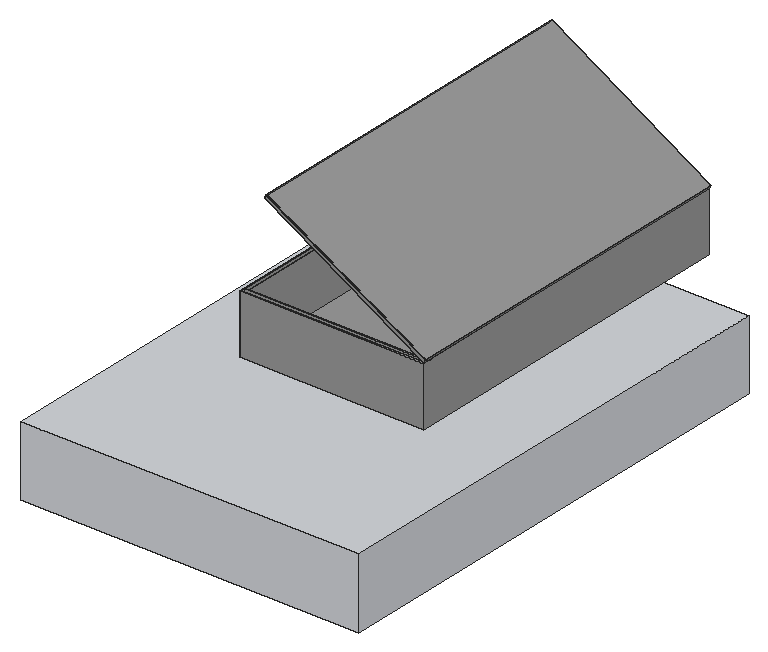
Revit family "Hager-Univers-IP55-D275-H1550-Cl.I-Steel_encl-AT-de", category Equipement électrique, Revit 2020
Family settings
  Hôte = Face
  Configuration du panneau = Deux colonnes, circuits au sein
  Cote de connecteur circulaire = Utiliser le diamètre
  Type d'élément = Tableau de raccordement
  Couper avec des vides une fois chargée = Non
  Partagée = Non
  Point de calcul de pièce = Non
Parameters (values of type "Aufputz IP55 B800 H1550 T275  - FR03E")
  Width Control [instance] = if([EF000008 - Breite] > Min Width, [EF000008 - Breite], Min Width)  # 800 mm
  Commentaires du type = [HG000003 - Bereich]  # "Univers"
  Thickness Door [instance] = if([EF009171 - Materialstärke Tür/Deckel] > 3 mm, 3 mm, [EF009171 - Materialstärke Tür/Deckel])  # 1.5 mm
  Seal Frame Offset [instance] = 17 mm  # constant formula
  Plinth Visibility [instance] = [HG000027 - Sockelhöhe] > 0 mm  # no
  Model = ""
  Min Width [instance] = 100 mm  # constant formula
  Min Height [instance] = 100 mm  # constant formula
  Min Depth [instance] = (2 * [EF009170 - Materialstärke Gehäuse]) + 1 mm  # 4 mm
  Internal Frame Depth [instance] = (Door System Depth * 0.5)  # 9 mm
  Height Control [instance] = if([EF000040 - Höhe] > Min Height, [EF000040 - Höhe], Min Height)  # 1550 mm
  HG000027 - Sockelhöhe = 0 mm
  HG000026 - Stehend auf dem Boden = no
  HG000024 - Höhe des unteren Teils = 800 mm
  HG000023 - Gehäuse mit doppeltem Querschnitt = no
  HG000016 - 3D-Türsichtbarkeit [instance] = yes
  HG000015 - Sichtbarkeit der Türöffnung [instance] = no
  HG000014 - Tür rechts [instance] = yes
  HG000013 - Tür links [instance] = not([HG000014 - Tür rechts])  # no
  HG000012 - Türschwenkwinkel [instance] = 30.00°
  HG000010 - Asymmetrische Türen = no
  HG000009 - Doppelflügeligen Tür = no
  HG000006 - Unterputz = no
  HG000004 - Herstellerreferenz = "FR03E"
  HG000003 - Bereich = "Univers"
  HG000002 - Mit tür = yes
  Frame Offset Bottom [instance] = 10 mm  # constant formula
  Frame Offset [instance] = 15 mm  # constant formula
  EF015940 - Deckel mit Überdruckentlastung = no
  EF011959 - Schutzart (NEMA) = ""
  EF009554 - Anzahl der Öffnungen für Flanschplatten = 6
  Fabricant = "Hager"  # constant formula
  EF009212 - Ausführung Deckel = "EV000116 - geschlossen"
  EF009171 - Materialstärke Tür/Deckel = 1.5 mm
  EF009170 - Materialstärke Gehäuse = 1.5 mm
  EF008873 - Nennstrom (In) = 800 A
  EF007800 - Geeignet für Blitzschutz = no
  EF006306 - Mit Schloss = no
  EF006244 - Transparenter Deckel/Tür = no
  EF005474 - Schutzart (IP) = "EV006420 - IP55"
  EF004464 - Art der Tür = "EV002646 - Einzel"
  EF004427 - Anzahl der Module = 360
  EF004293 - Schlagfestigkeit = "EV008784 - IK10"
  EF003532 - Geeignet für Außengebrauch = no
  EF002950 - Breite in Teilungseinheiten = 24
  EF001613 - Funktionserhalt = "EV000494 - ohne"
  EF001596 - Werkstoff des Gehäuses = "EV000179 - Stahl"
  EF001131 - Innentiefe = 275 mm
  EF001088 - Anbaumöglichkeit = yes
  EF000437 - Anzahl der Leitungseinführungen = 6
  EF000339 - Art der Abdeckung = "EV004216 - Tür"
  EF000266 - Anzahl der Reihen = 10
  EF000218 - Einbautiefe = 0 mm
  EF000118 - Mit Montageplatte = no
  EF000116 - RAL-Nummer = "7035"
  EF000049 - Tiefe = 275 mm
  EF000040 - Höhe = 1550 mm
  EF000008 - Breite = 800 mm
  EF000007 - Farbe = "EV000270 - grau"
  EF000003 - Montageart = "EV000384 - Aufputz"
  Door System Leaf Tolerance [instance] = 1.5 mm  # constant formula
  Door System Depth [instance] = 18 mm  # constant formula
  Door Height [instance] = Height Control - [HG000027 - Sockelhöhe]  # 1550 mm
  Depth Control [instance] = if([EF000049 - Tiefe] > Min Depth, [EF000049 - Tiefe], Min Depth)  # 275 mm
  Default Elevation = 0 mm
  Connector Offset [instance] = Height Control / 2  # 775 mm
  Bottom Top Plate Trim [instance] = 1.5 mm  # constant formula
  Plinth height Ctrl [instance] = if([HG000027 - Sockelhöhe] > 0 mm, [HG000027 - Sockelhöhe], 12 mm)  # 12 mm
Types (5, lengths in mm): name | Width Control | HG000010 - Asymmetrische Türen | HG000009 - Doppelflügeligen Tür | HG000004 - Herstellerreferenz | EF009554 - Anzahl der Öffnungen für Flanschplatten | EF004464 - Art der Tür | EF004427 - Anzahl der Module | EF000437 - Anzahl der Leitungseinführungen | EF000008 - Breite
  Aufputz IP55 B1050 H1550 T275  - FR04E | 1050 | no | yes | "FR04E" | 8 | "EV003602 - Doppel" | 480 | 8 | 1050
  Aufputz IP55 B1300 H1550 T275  - FR05E | 1300 | yes | yes | "FR05E" | 10 | "EV003602 - Doppel" | 600 | 10 | 1300
  Aufputz IP55 B300 H1550 T275  - FR01E | 300 | no | no | "FR01E" | 2 | "EV002646 - Einzel" | 120 | 2 | 300
  Aufputz IP55 B550 H1550 T275  - FR02E | 550 | no | no | "FR02E" | 4 | "EV002646 - Einzel" | 240 | 4 | 550
  Aufputz IP55 B800 H1550 T275  - FR03E | 800 | no | no | "FR03E" | 6 | "EV002646 - Einzel" | 360 | 6 | 800
Reference planes
  plane 1 "Center (Front/Back)": y = 0
  plane 2: z = 0
  plane 3 "Center (Left/Right)": x = 0
  plane 4: z = 275
  plane 5: y = 1.5
  plane 6: y = 775
  plane 7: y = 0
  plane 8: y = 1550
  plane 9: z = 0
  plane 10: x = -385
  plane 11: x = 385
  plane 12: x = 383.5
  plane 13: x = -383.5
  plane 14: y = 1548.5
  plane 15: x = -383
  plane 16: x = -400
  plane 17: x = 383
  plane 18: x = 400
  plane 19: x = 398.5
  plane 20: x = -398.5
  plane 21: y = 11.5
  plane 22: y = 1550
  plane 23: y = 1533.5
  plane 24: z = 257
  plane 25: z = 1.5
  plane 26: z = 255.5
  plane 27: z = 273.5
Forms (mm)
  Extrusion 1, solid
    sketch origin (0, 0, 0) x (1, 0, 0) y (0, 1, 0)
      loop
        line (-702.964, 1305) -> (-702.964, -811.445) -> (766.763, -811.445) -> (766.763, 1305) -> (-702.964, 1305)
    from 0 to -304.8
  Extrusion 2, solid, material "Hager_Steel_RAL7035_Light_Grey", visible <- "Plinth Visibility", detail levels medium+fine
    sketch origin (0, 0, 0) x (1, 0, 0) y (0, 1, 0)
      loop
        line (-400, 0) -> (400, 0) -> (400, 12) -> (-400, 12) -> (-400, 0)
    from 0 to 257
  Extrusion 3, solid, material "Hager_Steel_RAL7035_Light_Grey", detail levels medium+fine
    sketch origin (0, 0, 0) x (1, 0, 0) y (0, 1, 0)
      loop
        line (-400, 0) -> (400, 0) -> (400, 1550) -> (-400, 1550) -> (-400, 0)
    from 0 to 257
  Extrusion 4, void
    sketch origin (0, 0, 0) x (1, 0, 0) y (0, 1, 0)
      loop
        line (-398.5, 1.5) -> (398.5, 1.5) -> (398.5, 1548.5) -> (-398.5, 1548.5) -> (-398.5, 1.5)
    from 1.5 to 255.5
  Extrusion 5, void
    sketch origin (-381.607, -4572, 257) x (0, -1, 0) y (-1, 0, 0)
      loop
        line (-4583.5, 1.893) -> (-6105.5, 1.893) -> (-6105.5, -765.107) -> (-4583.5, -765.107) -> (-4583.5, 1.893)
    from 0 to 1.5 <- "EF009170 - Materialstärke Gehäuse"
  Extrusion 6, solid, material "Hager_Steel_RAL7035_Light_Grey", detail levels fine
    sketch origin (0, 0, 257) x (1, 0, 0) y (0, 1, 0)
      loop
        line (-383.5, 1533.5) -> (-383.5, 11.5) -> (383.5, 11.5) -> (383.5, 1533.5) -> (-383.5, 1533.5)
      loop
        line (-385, 10) -> (385, 10) -> (385, 1535) -> (-385, 1535) -> (-385, 10)
    from 0 to 9 <- "Internal Frame Depth"
  Extrusion 7, solid, material "Hager_Steel_RAL7035_Light_Grey", detail levels coarse
    sketch origin (0, 0, 0) x (1, 0, 0) y (0, 1, 0)
      loop
        line (-400, 0) -> (400, 0) -> (400, 1550) -> (-400, 1550) -> (-400, 0)
    from 0 to 275
  Sweep 8, void
    path in 3D
      loop
        line (-400, 12, 0) -> (400, 12, 0) -> (400, 12, 257) -> (-400, 12, 257) -> (-400, 12, 0)
    profile origin (-400, 12, 128.5) x (-1, 0, 0) y (0, -1, 0)
      loop
        line (0, 0) -> (0, 1.5) -> (-1.5, 1.5)
        arc (-1.5, 1.5) -> (-1.061, 0.439) -> (0, 0) r 1.5
Cuts and joins
  Extrusion 4, Extrusion 5 cuts Extrusion 3
  Sweep 8 cuts Extrusion 2
Lines and regions (mm)
  Masking region 1
    outline origin (0, 0, 0) x (1, 0, 0) y (0, 0, 1)
      loop
        line (-400, 275) -> (-400, 0) -> (400, 0) -> (400, 275) -> (-400, 275)
  Masking region 2, detail levels medium+fine
    outline origin (0, 140, 0) x (0, 1, 0) y (0, 0, 1)
      loop
        line (-140, 0) -> (1410, 0) -> (1410, 257) -> (-140, 257) -> (-140, 0)
  Masking region 3, not visible, detail levels medium+fine
    outline origin (0, 297.922, 0) x (0, 1, 0) y (0, 0, 1)
      loop
        line (488.578, 0) -> (528.578, 0) -> (528.578, 263.5)
        arc (528.578, 263.5) -> (525.649, 270.571) -> (518.578, 273.5) r 10
        line (518.578, 273.5) -> (488.578, 273.5) -> (488.578, 0)
  Masking region 4, detail levels coarse
    outline origin (0, 0, 180) x (0, 1, 0) y (0, 0, 1)
      loop
        line (0, -180) -> (1550, -180) -> (1550, 95) -> (0, 95) -> (0, -180)
  Masking region 5, visible <- "Plinth Visibility", detail levels medium+fine
    outline origin (0, 52.24, 12.345) x (0, 0, -1) y (0, 1, 0)
      loop
        line (10.845, -40.24) -> (-243.155, -40.24)
        arc (-243.155, -40.24) -> (-243.594, -41.301) -> (-244.655, -41.74) r 1.5
        line (-244.655, -41.74) -> (-244.655, -52.24) -> (12.345, -52.24) -> (12.345, -41.74)
        arc (12.345, -41.74) -> (11.285, -41.301) -> (10.845, -40.24) r 1.5
  Masking region 6, detail levels medium+fine
    outline origin (-381.607, -4572, 257) x (-1, 0, 0) y (0, -1, 0)
      loop
        line (18.393, -6122) -> (18.393, -4572) -> (-781.607, -4572) -> (-781.607, -6122) -> (18.393, -6122)
  Masking region 7, visible <- "Plinth Visibility", detail levels medium+fine
    outline origin (-381.607, -4727, 257) x (-1, 0, 0) y (0, -1, 0)
      loop
        arc (16.893, -4739) -> (17.332, -4737.939) -> (18.393, -4737.5) r 1.5
        line (18.393, -4737.5) -> (18.393, -4727) -> (-781.607, -4727) -> (-781.607, -4737.5)
        arc (-781.607, -4737.5) -> (-780.546, -4737.939) -> (-780.107, -4739) r 1.5
        line (-780.107, -4739) -> (16.893, -4739)
  Masking region 8, detail levels coarse
    outline origin (-442.548, -4669.526, 257) x (-1, 0, 0) y (0, -1, 0)
      loop
        line (-42.548, -6219.526) -> (-42.548, -4669.526) -> (-842.548, -4669.526) -> (-842.548, -6219.526) -> (-42.548, -6219.526)
  sketch lines
    curve 1: line (-400, 12, 257) -> (-400, 12, 0)
    curve 2: line (400, 12, 257) -> (-400, 12, 257)
    curve 3: line (400, 12, 257) -> (400, 12, 0)
    curve 4: line (-400, 12, 0) -> (400, 12, 0)
Dimensions and locks
  "Depth Control": plane 4 to Extrusion 1
  "HG000027 - Sockelhöhe": plane 1 "Center (Front/Back)" to plane 7
  "EF009170 - Materialstärke Gehäuse": plane 5 to plane 7
  locked: connector elem to plane 3 "Center (Left/Right)"
  equal spacing: plane 8, plane 6, plane 7
  locked: connector elem to plane 6
  "EF009170 - Materialstärke Gehäuse": plane 8 to plane 14
  "EF009170 - Materialstärke Gehäuse": plane 10 to plane 13
  "EF009170 - Materialstärke Gehäuse": plane 12 to plane 11
  "Frame Offset": plane 20 to plane 13
  "Frame Offset": plane 12 to plane 19
  "EF009170 - Materialstärke Gehäuse": plane 16 to plane 20
  "EF009170 - Materialstärke Gehäuse": plane 19 to plane 18
  "Seal Frame Offset": plane 16 to plane 15
  "Seal Frame Offset": plane 17 to plane 18
  "Frame Offset Bottom": plane 21 to plane 5
  "Frame Offset": plane 14 to plane 23
  equal spacing: plane 16, plane 3 "Center (Left/Right)", plane 18
  "Width Control": plane 16 to plane 18
  "EF009170 - Materialstärke Gehäuse": plane 4 to plane 27
  "EF009170 - Materialstärke Gehäuse": plane 24 to plane 26
  "EF009170 - Materialstärke Gehäuse": plane 25 to level
  "Door System Depth": plane 4 to plane 24
  "Height Control": plane 1 "Center (Front/Back)" to Extrusion 7 sketch curve
  "Height Control": Masking region 4 sketch curve to plane 1 "Center (Front/Back)"
  "Height Control": plane 1 "Center (Front/Back)" to plane 22
  "Bottom Top Plate Trim": profile plane to Sweep 8 sketch curve
  "Bottom Top Plate Trim": Sweep 8 sketch curve to profile plane
  "Plinth height Ctrl": plane 1 "Center (Front/Back)" to Extrusion 2 sketch curve
  "Plinth height Ctrl": Masking region 5 sketch curve to plane 1 "Center (Front/Back)"
  "Plinth height Ctrl": plane 1 "Center (Front/Back)" to Masking region 7 sketch curve
  "Thickness Door": Extrusion 6 sketch curve to Extrusion 6 sketch curve  (x3)
  "Thickness Door": cut or joined group of Extrusion 3, Extrusion 4, Extrusion 5 to Extrusion 6 sketch curve
  radius of Masking region 3 sketch curve = 10 mm
  "Bottom Top Plate Trim": radius of Masking region 5 sketch curve  (x2)
  "Bottom Top Plate Trim": radius of Sweep 8 sketch curve
  "Bottom Top Plate Trim": radius of Masking region 7 sketch curve  (x2)
  aligned and locked: plane 2 to Extrusion 1
  aligned and locked: level to Extrusion 1
  aligned and locked: level to Masking region 1 sketch curve
  aligned and locked: Masking region 1 sketch curve to plane 18
  aligned and locked: Masking region 1 sketch curve to plane 16
  aligned and locked: plane 7 to Masking region 2 sketch curve
  aligned and locked: level to Masking region 3 sketch curve
  aligned and locked: Masking region 3 sketch curve to plane 27
  aligned and locked: level to Masking region 2 sketch curve
  aligned and locked: plane 1 "Center (Front/Back)" to Extrusion 2 sketch curve
  aligned and locked: Extrusion 3 sketch curve to plane 7
  aligned and locked: plane 16 to Extrusion 3 sketch curve
  aligned and locked: plane 18 to Extrusion 3 sketch curve
  aligned and locked: plane 20 to Extrusion 4 sketch curve
  aligned and locked: plane 19 to Extrusion 4 sketch curve
  aligned and locked: Extrusion 4 sketch curve to plane 5
  aligned and locked: Extrusion 4 to plane 25
  aligned and locked: plane 26 to Extrusion 4
  aligned and locked: plane 24 to Extrusion 3
  aligned and locked: Extrusion 5 sketch curve to plane 21
  aligned and locked: Extrusion 5 sketch curve to plane 13
  aligned and locked: Extrusion 5 sketch curve to plane 12
  aligned and locked: plane 18 to Extrusion 7 sketch curve
  aligned and locked: plane 1 "Center (Front/Back)" to Extrusion 7 sketch curve
  aligned and locked: plane 16 to Extrusion 7 sketch curve
  aligned and locked: plane 4 to Extrusion 7
  aligned and locked: Extrusion 7 to level
  aligned and locked: level to Masking region 4 sketch curve
  aligned and locked: Masking region 4 sketch curve to plane 1 "Center (Front/Back)"
  aligned and locked: Masking region 4 sketch curve to plane 4
  aligned and locked: nested 1 to level
  aligned and locked: nested 1 to plane 16
  aligned and locked: plane 8 to Extrusion 3 sketch curve
  aligned and locked: plane 23 to Extrusion 5 sketch curve
  aligned and locked: plane 14 to Extrusion 4 sketch curve
  aligned and locked: Masking region 2 sketch curve to plane 8
  aligned and locked: level to Masking region 5 sketch curve
  aligned and locked: plane 16 to Extrusion 2 sketch curve
  aligned and locked: plane 18 to Extrusion 2 sketch curve
  aligned and locked: Masking region 5 sketch curve to plane 24
  aligned and locked: Masking region 2 sketch curve to plane 24
  aligned and locked: plane 24 to Extrusion 2
  aligned and locked: profile plane to Sweep 8 sketch curve  (x2)
  aligned and locked: Masking region 6 sketch curve to plane 18
  aligned and locked: Masking region 6 sketch curve to plane 22
  aligned and locked: Masking region 6 sketch curve to plane 16
  aligned and locked: plane 8 to plane 22
  aligned and locked: Masking region 6 sketch curve to plane 7
  aligned and locked: Masking region 7 sketch curve to plane 16
  aligned and locked: Masking region 7 sketch curve to plane 1 "Center (Front/Back)"
  aligned and locked: Masking region 7 sketch curve to plane 18
  aligned and locked: Masking region 8 sketch curve to plane 1 "Center (Front/Back)"
  aligned and locked: Masking region 8 sketch curve to plane 18
  aligned and locked: Masking region 8 sketch curve to plane 22
  aligned and locked: Masking region 8 sketch curve to plane 16
  aligned and locked: nested 2 to plane 7
  aligned and locked: plane 3 "Center (Left/Right)" to nested 2
  aligned and locked: nested 2 to plane 24
  aligned and locked: Extrusion 6 sketch curve to cut or joined group of Extrusion 3, Extrusion 4, Extrusion 5  (x4)
Automatic sketch dimensions
  Extrusion 1 sketch curve to Extrusion 1 sketch curve = 1469.727 mm
  Extrusion 1 sketch curve to Extrusion 1 sketch curve = 2116.445 mm
  Masking region 1 sketch curve to plane 4 = 0 mm
  plane 6 to Masking region 3 sketch curve = 11.5 mm
  Masking region 3 sketch curve to Masking region 3 sketch curve = 30 mm
  Masking region 5 sketch curve to plane 1 "Center (Front/Back)" = 0 mm
Nested families
  nested 1: "Hager_Enclosure_Symbol" at (-400, 0, 0) x (1, 0, 0) z (0, -1, 0), Height <- "Depth Control", Width <- "Width Control", type "Hager_Enclosure_Symbol"
    with Width_Ctrl 800 mm, Width 800 mm, Height_Ctrl 275 mm, Height 275 mm, A_Width_Int 18.047 mm, A_Width 216.562 mm, A_Height_Ctrl 240.625 mm, A_Height 240.625 mm
  nested 2: "EC000058_Univers_Door" at (0, 0, 257) x (1, 0, 0) z (0, 1, 0), Leaf_Tolerance <- "Door System Leaf Tolerance", Angle <- "HG000012 - Türschwenkwinkel", Door_Depth <- "Door System Depth", Door_Left <- "HG000013 - Tür links", Transparent <- "EF006244 - Transparenter Deckel/Tür", Assymetrical <- "HG000010 - Asymmetrische Türen", Width <- "Width Control", Clearance <- "HG000015 - Sichtbarkeit der Türöffnung", Double <- "HG000009 - Doppelflügeligen Tür", 3d_Door <- "HG000016 - 3D-Türsichtbarkeit", Lock_Visibility <- "EF006306 - Mit Schloss", Width_Ctrl <- "Width Control", Door_Right <- "HG000014 - Tür rechts", Door <- "HG000002 - Mit tür", Height <- "Door Height", Thickness <- "Thickness Door", type "EC000058_Univers_Door", detail levels medium+fine
    with min_wh 4 mm, Width_Ctrl 800 mm, Width 800 mm, Transparent no, Thickness 1.5 mm, Seal_Material Hager_Rubber, Lock_Visibility no, Lock_Material Hager_Plastic_RAL9005_Jet_Black, Leaf_Width 800 mm, Leaf_Tolerance_External_Sides 0 mm, Leaf_Tolerance 1.5 mm, Leaf_Offset 0 mm, Leaf_Height 1547 mm, Leaf_2_Width 800 mm, Leaf_2_Offset 400 mm, Leaf_1_Width 800 mm, Leaf_1_Offset 400 mm, Height_Ctrl 1550 mm, Height 1550 mm, Glass_Material Hager_Glass, Double_Clearance_Ctrl no, Double no, Door_Right_Ctrl yes, Door_Right yes, Door_Material Hager_Steel_RAL7035_Light_Grey, Door_Left_Ctrl no, Door_Left no, Door_Depth 18 mm, Door yes, Clearance_Material Hager_Clearance, Clearance_Depth 800 mm, Clearance_Ctrl no, Clearance no, Assymetrical no, Angle 30.00°, 3d_Door yes
Connectors
  electrical at (0, 775, 0)
    settings: on plane 9, index 1, voltage 0 V, apparent load 0 VA, apparent load phase1 0 VA, apparent load phase2 0 VA, apparent load phase3 0 VA, power factor 1, load classification "Other", number of poles 1, system type 30, power factor state 1, is connector primary yes, connector utility no, sub classification motor no, connector description ""
Definition of nested family "EC000058_Univers_Door"
  Parameters (values of type "EC000058_Univers_Door")
    min_wh [instance] = (2 * Thickness) + 1 mm  # 11 mm
    Width_Ctrl [instance] = 400 mm
    Width [instance] = 500 mm
    Transparent [instance] = yes
    Thickness [instance] = 5 mm
    Seal_Material [instance] = none
    Lock_Visibility [instance] = yes
    Lock_Material [instance] = none
    Leaf_Width [instance] = if((Width_Ctrl - 2 * Leaf_Tolerance_External_Sides) > 0 mm, (Width_Ctrl - 2 * Leaf_Tolerance_External_Sides), min_wh)  # 400 mm
    Leaf_Tolerance_External_Sides [instance] = 0 mm  # constant formula
    Leaf_Tolerance [instance] = 1.5 mm
    Leaf_Offset [instance] = 0 mm  # constant formula
    Leaf_Height [instance] = if((Height_Ctrl - 2 * Leaf_Tolerance) > 0 mm, (Height_Ctrl - 2 * Leaf_Tolerance), min_wh)  # 497 mm
    Leaf_2_Width [instance] = if(and(and(Double, Assymetrical), Door_Left), (Leaf_Width / 3) - (Leaf_Tolerance / 2), if(and(and(Double, Assymetrical), Door_Right), (Leaf_Width / 3) * 2 - (Leaf_Tolerance / 2), if(and(Double, not(Assymetrical)), (Leaf_Width / 2) - Leaf_Tolerance, Leaf_Width)))  # 400 mm
    Leaf_2_Offset [instance] = if(and(Double, Assymetrical), Leaf_2_Width / 2, if(and(Double, not(Assymetrical)), Leaf_Width / 4, Leaf_Width / 2))  # 200 mm
    Leaf_1_Width [instance] = if(and(and(Double, Assymetrical), Door_Right), (Leaf_Width / 3) - (Leaf_Tolerance / 2), if(and(and(Double, Assymetrical), Door_Left), (Width / 3) * 2 - (Leaf_Tolerance / 2), if(and(Double, not(Assymetrical)), (Leaf_Width / 2) - Leaf_Tolerance, Leaf_Width)))  # 400 mm
    Leaf_1_Offset [instance] = if(and(Double, Assymetrical), Leaf_1_Width / 2, if(and(Double, not(Assymetrical)), Leaf_Width / 4, Leaf_Width / 2))  # 200 mm
    Height_Ctrl [instance] = if(Height > min_wh, Height, min_wh)  # 500 mm
    Height [instance] = 500 mm
    Glass_Material [instance] = none
    Double_Clearance_Ctrl [instance] = and(Double, Clearance)  # no
    Double [instance] = no
    Door_Right_Ctrl [instance] = and(or(Door_Right, Double), Door)  # yes
    Door_Right [instance] = yes
    Door_Material [instance] = none
    Door_Left_Ctrl [instance] = and(or(Door_Left, Double), Door)  # no
    Door_Left [instance] = no
    Door_Depth [instance] = 30 mm
    Door [instance] = yes
    Default Elevation = 1219.2 mm
    Clearance_Material [instance] = none
    Clearance_Depth [instance] = if(Leaf_1_Width > Leaf_2_Width, Leaf_1_Width, Leaf_2_Width)  # 400 mm
    Clearance_Ctrl [instance] = and(not(Double), Clearance)  # yes
    Clearance [instance] = yes
    Assymetrical [instance] = yes
    Angle [instance] = 30.00°
    3d_Door [instance] = yes
  Reference planes
    plane 1 "Center (Front/Back)": y = 0
    plane 2 "Bottom": z = 0
    plane 3 "Center (Left/Right)": x = 0
    plane 4: z = 500
    plane 5: x = -200
    plane 6: x = 200
    plane 7: z = 500
    plane 8: x = -200
    plane 9: z = 0
    plane 10: x = 200
    plane 11: y = 0
    plane 12: z = 1.5
    plane 13: x = -600
    plane 14: y = -400
    plane 15: x = 600
    plane 16: x = 0
    plane 17: x = 0
    plane 18: x = -200
    plane 19: x = 200
    plane 20: z = 498.5
  Forms (mm)
    Extrusion 1, solid, material <- "Clearance_Material", visible <- "Double_Clearance_Ctrl"
      sketch origin (1200, 0, 0) x (1, 0, 0) y (0, 0, -1)
        loop
          line (-1800, -498.5) -> (-600, -498.5) -> (-600, 0) -> (-1800, 0) -> (-1800, -498.5)
      from 0 to -400
  Dimensions and locks
    equal spacing: plane 5, plane 3 "Center (Left/Right)", plane 6
    "Width_Ctrl": plane 5 to plane 6
    "Leaf_Offset": plane 5 to plane 8
    "Leaf_Offset": plane 6 to plane 10
    "Leaf_Offset": plane 9 to level
    "Leaf_Offset": plane 4 to plane 7
    "Height_Ctrl": plane 4 to level
    "Leaf_Tolerance": plane 12 to plane 9
    locked: plane 11 to plane 1 "Center (Front/Back)"
    "Leaf_1_Offset": plane 18 to plane 16
    "Leaf_2_Offset": plane 17 to plane 19
    "Leaf_1_Width": plane 13 to plane 8
    "Leaf_2_Width": plane 10 to plane 15
    "Clearance_Depth": plane 14 to plane 1 "Center (Front/Back)"
    "Leaf_Tolerance_External_Sides": plane 8 to plane 18
    "Leaf_Tolerance_External_Sides": plane 19 to plane 10
    "Leaf_Tolerance": plane 7 to plane 20
    aligned and locked: level to plane 2 "Bottom"
    aligned and locked: nested 1 to plane 16
    aligned and locked: nested 2 to plane 17
    aligned and locked: Extrusion 1 to plane 13
    aligned and locked: plane 15 to Extrusion 1
    aligned and locked: Extrusion 1 to plane 14
    aligned and locked: plane 12 to nested 1
    aligned and locked: nested 2 to plane 12
    aligned and locked: Extrusion 1 to plane 11
    aligned and locked: plane 20 to Extrusion 1
    aligned and locked: nested 2 to plane 11
    aligned and locked: nested 1 to plane 11
  Automatic sketch dimensions
    Extrusion 1 sketch curve to level = 0 mm
    plane 5 to Extrusion 1 sketch curve = 400 mm
    plane 6 to Extrusion 1 sketch curve = 400 mm
    Extrusion 1 sketch curve to plane 4 = 1.5 mm
  Nested families
    nested 1: "EC000058_Univers_Door_Leaf" at (0, 0, 1.5), Width <- "Leaf_1_Width", visible <- "Door_Left_Ctrl", Leaf_Height <- "Leaf_Height", Angle <- "Angle", 3d_Door <- "3d_Door", Transparent <- "Transparent", Clearance Material <- "Clearance_Material", Clearance <- "Clearance_Ctrl", Door_Material <- "Door_Material", Glass_Material <- "Glass_Material", Door_Depth <- "Door_Depth", Lock_Material <- "Lock_Material", Seal_Material <- "Seal_Material", Lock_Visibility <- "Lock_Visibility", Thickness <- "Thickness", type "EC000058_Univers_Door_Leaf"
      with Width 400 mm, Transparent_Glass_Offset 30 mm, Transparent_Ctrl yes, Transparent yes, Thickness 5 mm, Standard no, Seal_Material none, Seal_D2 8 mm, Seal_D1 1 mm, Offset_Internal_Frame 10 mm, Lock_Width 20 mm, Lock_Visibility_3d yes, Lock_Visibility yes, Lock_Thickness_3 3 mm, Lock_Thickness_2 1 mm, Lock_Thickness_1 3 mm, Lock_Radius_Offset_2 16 mm, Lock_Radius_Offset_1 15 mm, Lock_Radius_2 5 mm, Lock_Radius 6 mm, Lock_Offset 5 mm, Lock_Material none, Lock_Height 80 mm, Lock_Cover_Top_Offset_2d 17 mm, Lock_Cover_Height -65 mm, Leaf_Height 497 mm, Internal_Seal_Thickness 8 mm, Internal_Seal_Depth_2 4.5 mm, Internal_Frame_Depth 25 mm, Glass_Thickness -1 mm, Glass_Offset -2 mm, Glass_Material none, Door_Material none, Door_Depth 30 mm, Clearance Material none, Clearance yes, Angle_Ctrl 30.00°, Angle 30.00°, 3d_Door yes
    nested 2: "EC000058_Univers_Door_Leaf" at (0, 0, 1.5) x (-1, 0, 0) z (0, 0, 1), Width <- "Leaf_2_Width", visible <- "Door_Right_Ctrl", Leaf_Height <- "Leaf_Height", Angle <- "Angle", 3d_Door <- "3d_Door", Transparent <- "Transparent", Clearance Material <- "Clearance_Material", Clearance <- "Clearance_Ctrl", Door_Material <- "Door_Material", Glass_Material <- "Glass_Material", Door_Depth <- "Door_Depth", Lock_Material <- "Lock_Material", Seal_Material <- "Seal_Material", Lock_Visibility <- "Lock_Visibility", Thickness <- "Thickness", type "EC000058_Univers_Door_Leaf"
      with Width 400 mm, Transparent_Glass_Offset 30 mm, Transparent_Ctrl yes, Transparent yes, Thickness 5 mm, Standard no, Seal_Material none, Seal_D2 8 mm, Seal_D1 1 mm, Offset_Internal_Frame 10 mm, Lock_Width 20 mm, Lock_Visibility_3d yes, Lock_Visibility yes, Lock_Thickness_3 3 mm, Lock_Thickness_2 1 mm, Lock_Thickness_1 3 mm, Lock_Radius_Offset_2 16 mm, Lock_Radius_Offset_1 15 mm, Lock_Radius_2 5 mm, Lock_Radius 6 mm, Lock_Offset 5 mm, Lock_Material none, Lock_Height 80 mm, Lock_Cover_Top_Offset_2d 17 mm, Lock_Cover_Height -65 mm, Leaf_Height 497 mm, Internal_Seal_Thickness 8 mm, Internal_Seal_Depth_2 4.5 mm, Internal_Frame_Depth 25 mm, Glass_Thickness -1 mm, Glass_Offset -2 mm, Glass_Material none, Door_Material none, Door_Depth 30 mm, Clearance Material none, Clearance yes, Angle_Ctrl 30.00°, Angle 30.00°, 3d_Door yes
  Definition of nested family "EC000058_Univers_Door_Leaf"
    Parameters (values of type "EC000058_Univers_Door_Leaf")
      Width [instance] = 2000 mm
      Transparent_Glass_Offset [instance] = 30 mm
      Transparent_Ctrl [instance] = and(Transparent, [3d_Door])  # yes
      Transparent [instance] = yes
      Thickness [instance] = 5 mm
      Standard [instance] = and(not(Transparent), [3d_Door])  # no
      Seal_Material [instance] = none
      Seal_D2 [instance] = 8 mm  # constant formula
      Seal_D1 [instance] = 1 mm  # constant formula
      Offset_Internal_Frame [instance] = 10 mm  # constant formula
      Lock_Width [instance] = 20 mm  # constant formula
      Lock_Visibility_3d [instance] = and(Lock_Visibility, [3d_Door])  # yes
      Lock_Visibility [instance] = yes
      Lock_Thickness_3 [instance] = 3 mm  # constant formula
      Lock_Thickness_2 [instance] = 1 mm  # constant formula
      Lock_Thickness_1 [instance] = 3 mm  # constant formula
      Lock_Radius_Offset_2 [instance] = Lock_Radius_Offset_1 + 1 mm  # 16 mm
      Lock_Radius_Offset_1 [instance] = 15 mm  # constant formula
      Lock_Radius_2 [instance] = Lock_Radius - 1 mm  # 5 mm
      Lock_Radius [instance] = 6 mm  # constant formula
      Lock_Offset [instance] = 5 mm  # constant formula
      Lock_Material [instance] = none
      Lock_Height [instance] = 80 mm  # constant formula
      Lock_Cover_Top_Offset_2d [instance] = Lock_Radius_Offset_2 + 1 mm  # 17 mm
      Lock_Cover_Height [instance] = -(Lock_Height - Lock_Radius_Offset_1)  # -65 mm
      Leaf_Height [instance] = 2720.336 mm
      Internal_Seal_Thickness [instance] = 8 mm  # constant formula
      Internal_Seal_Depth_2 [instance] = 4.5 mm  # constant formula
      Internal_Frame_Depth [instance] = if(Door_Depth - Thickness > 5 mm, Door_Depth - Thickness, 5 mm)  # 25 mm
      Glass_Thickness [instance] = if(Thickness > 15 mm, Glass_Offset + 10 mm, -1 mm)  # -1 mm
      Glass_Offset [instance] = if(Thickness > 15 mm, -(Thickness + 10 mm) / 2, -2 mm)  # -2 mm
      Glass_Material [instance] = none
      Door_Material [instance] = none
      Door_Depth [instance] = 30 mm
      Default Elevation = 0 mm
      Clearance Material [instance] = none
      Clearance [instance] = yes
      Angle_Ctrl [instance] = if(Angle > 180.00°, 180.00°, Angle)  # 90.00°
      Angle [instance] = 90.00°
      3d_Door [instance] = yes
    Reference planes
      plane 1 "Center (Front/Back)": y = 0
      plane 2: z = 0
      plane 3 "Center (Left/Right)": x = 0
      plane 4: y = 2000
      plane 5: x = -1000
      plane 6: x = 1000
      plane 7: x = -3000
      plane 8: z = 2720.336
      plane 9: z = 30
      plane 10: z = 2690.336
      plane 11: x = 970
      plane 12: x = -970
      plane 13: y = -3
      plane 14: z = 107.833
      plane 15: y = -5
      plane 16: y = -223.314
      plane 17: x = -1000
      plane 18: z = 1360.168
      plane 19: y = 30
    Forms (mm)
      Extrusion 1, solid, material <- "Clearance Material", visible <- "Clearance"
        sketch origin (0, 0, 0) x (1, 0, 0) y (0, 0, 1)
          loop
            line (-3000, 2720.336) -> (-3000, 0) -> (1000, 0) -> (1000, 2720.336) -> (-3000, 2720.336)
        from 0 to -2000
      Extrusion 2, solid, material <- "Door_Material", visible <- "Standard", detail levels medium+fine
        sketch origin (-1000, 0, 0) x (0, 1, 0) y (-1, 0, 0)
          loop
            line (0, 30) -> (0, 25) -> (2000, 25) -> (2000, 30) -> (0, 30)
        from 0 to 2720.336 <- "Leaf_Height"
      Extrusion 3, solid, material <- "Door_Material", visible <- "Transparent_Ctrl", detail levels medium+fine
        sketch origin (-1000, 0, 0) x (0, 1, 0) y (-1, 0, 0)
          loop
            line (0, 25) -> (2000, 25) -> (2000, 30) -> (0, 30) -> (0, 25)
        from 0 to 2720.336 <- "Leaf_Height"
      Extrusion 4, void
        sketch origin (-1025, 2000, 0) x (0, 1, 0) y (0, 0, -1)
          loop
            line (-30, -2690.336) -> (-30, -30) -> (-1970, -30) -> (-1970, -2690.336) -> (-30, -2690.336)
        from 0 to 5 <- "Thickness"
      Sweep 5, solid, material <- "Seal_Material", visible <- "Transparent_Ctrl", detail levels fine
        path in 3D
          loop
            line (-1025, 30, 30) -> (-1025, 30, 2690.336) -> (-1025, 1970, 2690.336) -> (-1025, 1970, 30) -> (-1025, 30, 30)
        profile origin (-1025, 1000, 30) x (1, 0, 0) y (0, 0, 1)
          loop
            line (0, 0) -> (0, -8) -> (1, -8) -> (1, 0) -> (0, 0)
      Extrusion 6, solid, material <- "Glass_Material", visible <- "Transparent_Ctrl", detail levels medium+fine
        sketch origin (-1030, 0, 0) x (0, 1, 0) y (0, 0, -1)
          loop
            line (1970, -2690.336) -> (1970, -30) -> (30, -30) -> (30, -2690.336) -> (1970, -2690.336)
        from -2 <- "Glass_Offset" to -1 <- "Glass_Thickness"
      Extrusion 7, solid, material <- "Door_Material", visible <- "3d_Door", detail levels medium+fine
        sketch origin (-1025, 2000, 0) x (0, -1, 0) y (0, 0, -1)
          loop
            line (0, -2720.336) -> (2000, -2720.336) -> (2000, 0) -> (0, 0) -> (0, -2720.336)
          loop
            line (1995, -5) -> (5, -5) -> (5, -2715.336) -> (1995, -2715.336) -> (1995, -5)
        from 0 to 25 <- "Internal_Frame_Depth"
      Sweep 8, solid, material <- "Seal_Material", visible <- "Transparent_Ctrl", detail levels fine
        path in 3D
          loop
            line (-1025, 0, 0) -> (-1025, 2000, 0) -> (-1025, 2000, 2720.336) -> (-1025, 0, 2720.336) -> (-1025, 0, 0)
        profile origin (-1025, 0, 1360.168) x (1, 0, 0) y (0, 1, 0)
          loop
            line (0, 10) -> (2.975, 10)
            arc (2.975, 10) -> (4.053, 10.447) -> (4.5, 11.525) r 1.525
            line (4.5, 11.525) -> (4.5, 16.527)
            arc (4.5, 16.527) -> (4.069, 17.569) -> (3.027, 18) r 1.473
            line (3.027, 18) -> (0, 18) -> (0, 10)
      Extrusion 9, solid, material <- "Lock_Material", visible <- "Lock_Visibility_3d", detail levels fine
        sketch origin (-1030, 0, 0) x (0, 1, 0) y (0, 0, -1)
          loop
            arc (1993.5, -1400.168) -> (1994.561, -1399.729) -> (1995, -1398.668) r 1.5
            line (1995, -1398.668) -> (1995, -1320.168) -> (1975, -1320.168) -> (1975, -1398.668)
            arc (1975, -1398.668) -> (1975.439, -1399.729) -> (1976.5, -1400.168) r 1.5
            line (1976.5, -1400.168) -> (1993.5, -1400.168)
        from 3 <- "Lock_Thickness_1" to 0
      Blend 10, solid, material <- "Lock_Material", visible <- "Lock_Visibility_3d", detail levels fine
        base sketch origin (-1033, 0, 0) x (0, 1, 0) y (0, 0, -1)
          loop
            line (1975, -1320.168) -> (1975, -1398.668)
            arc (1975, -1398.668) -> (1975.439, -1399.729) -> (1976.5, -1400.168) r 1.5
            line (1976.5, -1400.168) -> (1993.5, -1400.168)
            arc (1993.5, -1400.168) -> (1994.561, -1399.729) -> (1995, -1398.668) r 1.5
            line (1995, -1398.668) -> (1995, -1320.168) -> (1975, -1320.168)
        top sketch origin (-1033, 0, 0) x (0, 1, 0) y (0, 0, -1)
          loop
            line (1976, -1320.168) -> (1976, -1398.668)
            arc (1976, -1398.668) -> (1976.146, -1399.022) -> (1976.5, -1399.168) r 0.5
            line (1976.5, -1399.168) -> (1993.5, -1399.168)
            arc (1993.5, -1399.168) -> (1993.854, -1399.022) -> (1994, -1398.668) r 0.5
            line (1994, -1398.668) -> (1994, -1320.168) -> (1976, -1320.168)
        from 0 to 1 <- "Lock_Thickness_2"
      Blend 11, solid, material <- "Lock_Material", visible <- "Lock_Visibility_3d", detail levels fine
        base sketch origin (-1034, 0, 0) x (0, 1, 0) y (0, 0, -1)
          loop
            line (1978, -1320.168) -> (1978, -1384.168)
            arc (1978, -1384.168) -> (1985, -1391.168) -> (1992, -1384.168) r 7
            line (1992, -1384.168) -> (1992, -1320.168) -> (1978, -1320.168)
        top sketch origin (-1034, 0, 0) x (0, 1, 0) y (0, 0, -1)
          loop
            line (1991, -1320.168) -> (1979, -1320.168) -> (1979, -1383.168)
            arc (1979, -1383.168) -> (1985, -1389.168) -> (1991, -1383.168) r 6
            line (1991, -1383.168) -> (1991, -1320.168)
        from 0 to 3 <- "Lock_Thickness_3"
      Extrusion 12, solid, material <- "Lock_Material", visible <- "Lock_Visibility_3d", detail levels fine
        sketch origin (-1030, 1975, 1320.168) x (1, 0, 0) y (0, -1, 0)
          loop
            line (-7, -19) -> (-7, -1) -> (0, -1) -> (0, 0) -> (-8, 0) -> (-8, -20) -> (0, -20) -> (0, -19) -> (-7, -19)
        from 0 to -65 <- "Lock_Cover_Height"
      Extrusion 13, void
        sketch origin (-1038, 1995, 1320.168) x (-1, 0, 0) y (0, 0, -1)
          loop
            line (-5, -65) -> (0, -65) -> (-5, -60) -> (-5, -65)
        from 0 to 20 <- "Lock_Width"
      Extrusion 14, void
        sketch origin (-1038, 1975, 1320.168) x (0, -1, 0) y (0, 0, -1)
          loop
            circle (-10, -15.995) r 6
          loop
            circle (-10, -15.995) r 5
        from 0 to 2
      Extrusion 15, solid, material <- "Lock_Material", visible <- "Lock_Visibility_3d", detail levels medium
        sketch origin (-1030, 0, 0) x (0, 1, 0) y (0, 0, -1)
          loop
            arc (1993.5, -1400.168) -> (1994.561, -1399.729) -> (1995, -1398.668) r 1.5
            line (1995, -1398.668) -> (1995, -1320.168) -> (1975, -1320.168) -> (1975, -1398.668)
            arc (1975, -1398.668) -> (1975.439, -1399.729) -> (1976.5, -1400.168) r 1.5
            line (1976.5, -1400.168) -> (1993.5, -1400.168)
        from 8 to 0
    Cuts and joins
      Extrusion 4 cuts Extrusion 3
      Extrusion 13, Extrusion 14 cuts Extrusion 9
      Extrusion 14 cuts Blend 11
      Extrusion 13, Extrusion 14 cuts Extrusion 12
      joined: Extrusion 9, Blend 10, Blend 11, Extrusion 12
      Extrusion 14 cuts Extrusion 15
    Lines and regions (mm)
      Masking region 1, visible <- "Lock_Visibility", detail levels fine
        outline origin (0, 0, 0) x (0, 1, 0) y (0, 0, 1)
          loop
            line (30, 1320.168) -> (33, 1320.168) -> (33, 1400.168) -> (30, 1400.168) -> (30, 1320.168)
      Masking region 2, visible <- "Lock_Visibility", detail levels fine
        outline origin (0, 3.143, 0) x (0, 1, 0) y (0, 0, 1)
          loop
            line (29.857, 1354.168) -> (30.857, 1354.168) -> (30.857, 1366.168) -> (29.857, 1366.168) -> (29.857, 1354.168)
      Masking region 3, detail levels medium+fine
        outline origin (0, 0, 0) x (0, 1, 0) y (0, 0, 1)
          loop
            line (0, 0) -> (30, 0) -> (30, 2720.336) -> (0, 2720.336) -> (0, 0)
      Masking region 4, detail levels medium+fine
        outline origin (0, 0, 0) x (1, 0, 0) y (0, 0, 1)
          loop
            line (-1000, 2720.336) -> (-1000, 0) -> (1000, 0) -> (1000, 2720.336) -> (-1000, 2720.336)
      Masking region 5, visible <- "Lock_Visibility", detail levels fine
        outline origin (-47.116, 0, 0) x (1, 0, 0) y (0, 0, 1)
          loop
            arc (1024.616, 1399.168) -> (1023.556, 1398.729) -> (1023.116, 1397.668) r 1.5
            line (1023.116, 1397.668) -> (1023.116, 1320.168) -> (1041.116, 1320.168) -> (1041.116, 1397.668)
            arc (1041.116, 1397.668) -> (1040.677, 1398.729) -> (1039.616, 1399.168) r 1.5
            line (1039.616, 1399.168) -> (1024.616, 1399.168)
      Masking region 6, visible <- "Lock_Visibility", detail levels medium+fine
        outline origin (-25, 0, 0) x (1, 0, 0) y (0, 0, 1)
          loop
            arc (1001.5, 1400.168) -> (1000.439, 1399.729) -> (1000, 1398.668) r 1.5
            line (1000, 1398.668) -> (1000, 1320.168) -> (1020, 1320.168) -> (1020, 1398.668)
            arc (1020, 1398.668) -> (1019.561, 1399.729) -> (1018.5, 1400.168) r 1.5
            line (1018.5, 1400.168) -> (1001.5, 1400.168)
      Masking region 7, visible <- "Lock_Visibility", detail levels fine
        outline origin (-73.735, 0, 0) x (1, 0, 0) y (0, 0, 1)
          loop
            line (1051.735, 1382.168) -> (1065.735, 1382.168) -> (1065.735, 1384.168)
            arc (1065.735, 1384.168) -> (1058.735, 1391.168) -> (1051.735, 1384.168) r 7
            line (1051.735, 1384.168) -> (1051.735, 1382.168)
      Masking region 8, visible <- "Lock_Visibility", detail levels fine
        outline origin (-73.735, 0, 0) x (1, 0, 0) y (0, 0, 1)
          loop
            line (1052.735, 1382.168) -> (1064.735, 1382.168) -> (1064.735, 1383.168)
            arc (1064.735, 1383.168) -> (1058.735, 1389.168) -> (1052.735, 1383.168) r 6
            line (1052.735, 1383.168) -> (1052.735, 1382.168)
      Masking region 9, visible <- "Lock_Visibility", detail levels fine
        outline origin (-25, 0, 0) x (1, 0, 0) y (0, 0, 1)
          loop
            line (1020, 1320.168) -> (1020, 1382.168) -> (1000, 1382.168) -> (1000, 1320.168) -> (1020, 1320.168)
      Masking region 10, detail levels medium+fine
        outline origin (0, 0, 0) x (1, 0, 0) y (0, 0, 1)
          loop
            circle (985, 1335.144) r 6
      Masking region 11, detail levels fine
        outline origin (0, 0, 0) x (1, 0, 0) y (0, 0, 1)
          loop
            circle (985, 1335.144) r 5
      Masking region 12, visible <- "Lock_Visibility", detail levels fine
        outline origin (0, 12.767, 0) x (0, 1, 0) y (0, 0, 1)
          loop
            line (20.233, 1320.168) -> (21.233, 1320.168) -> (21.233, 1399.168) -> (20.233, 1400.168) -> (20.233, 1320.168)
      Masking region 13, visible <- "Lock_Visibility", detail levels fine
        outline origin (0, 13.767, -10) x (0, 1, 0) y (0, 0, 1)
          loop
            line (20.233, 1330.168) -> (23.233, 1330.168) -> (23.233, 1399.168) -> (20.233, 1402.168) -> (20.233, 1330.168)
      Masking region 14, visible <- "Lock_Visibility", detail levels fine
        outline origin (0, 12.767, -10) x (0, 1, 0) y (0, 0, 1)
          loop
            line (20.233, 1330.168) -> (25.233, 1330.168) -> (25.233, 1399.305) -> (20.233, 1394.305) -> (20.233, 1330.168)
      Masking region 15, visible <- "Lock_Visibility", detail levels medium
        outline origin (0, 0, 0) x (0, 1, 0) y (0, 0, 1)
          loop
            line (30, 1320.168) -> (38, 1320.168) -> (38, 1400.168) -> (30, 1400.168) -> (30, 1320.168)
      Masking region 16, visible <- "Lock_Visibility", detail levels fine
        outline origin (-1000, 0, 0) x (0, 1, 0) y (-1, 0, 0)
          loop
            line (1975, 30) -> (1995, 30) -> (1995, 38) -> (1975, 38) -> (1975, 30)
          loop
            line (1979, 37) -> (1976, 37) -> (1976, 34) -> (1978, 34) -> (1979, 37)
          loop
            line (1994, 37) -> (1991, 37) -> (1992, 34) -> (1994, 34) -> (1994, 37)
      Masking region 17, visible <- "Lock_Visibility", detail levels medium
        outline origin (-1000, 0, 0) x (0, 1, 0) y (-1, 0, 0)
          loop
            line (1975, 30) -> (1995, 30) -> (1995, 38) -> (1975, 38) -> (1975, 30)
      symbolic lines
        curve 1: line (1000, 0, 0) -> (-3000, 0, 0)
        curve 2: arc (1000, 0, 0) -> (-1000, 2000, 0) -> (-3000, 0, 0) r 2000
        curve 4: line (-1030, 0, 0) -> (-1030, 2000, 0)
      reference lines
        curve 3: line (-1000, 0, 0) -> (-1000, 2000, 0)
      symbolic lines, detail levels medium+fine
        curve 5: line (-1030, 2000, 0) -> (-1025, 2000, 0)
        curve 7: line (-1025, 0, 0) -> (-1030, 0, 0)
        curve 8: line (-1025, 0, 0) -> (-1000, 0, 0)
        curve 9: line (-1000, 0, 0) -> (-1000, 2000, 0)
        curve 10: line (-1000, 2000, 0) -> (-1025, 2000, 0)
      symbolic lines, detail levels fine
        curve 6: line (-1025, 2000, 0) -> (-1025, 0, 0)
      sketch lines
        curve 11: line (-1025, 0, 2720.336) -> (-1025, 0, 0)
        curve 12: line (-1025, 2000, 0) -> (-1025, 0, 0)
        curve 13: line (-1025, 2000, 2720.336) -> (-1025, 2000, 0)
        curve 14: line (-1025, 0, 2720.336) -> (-1025, 2000, 2720.336)
        curve 15: line (-1025, 1970, 30) -> (-1025, 30, 30)
        curve 16: line (-1025, 30, 30) -> (-1025, 30, 2690.336)
        curve 17: line (-1025, 1970, 2690.336) -> (-1025, 1970, 30)
        curve 18: line (-1025, 30, 2690.336) -> (-1025, 1970, 2690.336)
      symbolic lines, visible <- "Transparent", detail levels medium+fine
        curve 19: line (-970, 0, 2690.336) -> (970, 0, 2690.336)
        curve 20: line (-970, 0, 30) -> (-970, 0, 2690.336)
        curve 21: line (970, 0, 30) -> (-970, 0, 30)
        curve 22: line (970, 0, 2690.336) -> (970, 0, 30)
    Dimensions and locks
      "Width": plane 1 "Center (Front/Back)" to plane 4
      equal spacing: plane 5, plane 3 "Center (Left/Right)", plane 6
      "Width": plane 5 to plane 6
      "Width": plane 7 to plane 5
      "Leaf_Height": plane 8 to level
      "Width": curve 5 to curve 3
      "Width": curve 3 to curve 3
      plane 8 to plane 10 = 30 mm
      plane 9 to level = 30 mm
      plane 12 to plane 5 = 30 mm
      plane 6 to plane 11 = 30 mm
      Extrusion 1 to Extrusion 4 sketch curve = 30 mm
      "Transparent_Glass_Offset": curve 3 to Extrusion 4 sketch curve
      "Transparent_Glass_Offset": Extrusion 4 sketch curve to cut or joined group of Extrusion 3, Extrusion 4  (x2)
      cut or joined group of Extrusion 3, Extrusion 4 to Extrusion 6 sketch curve = 30 mm
      "Transparent_Glass_Offset": cut or joined group of Extrusion 3, Extrusion 4 to Extrusion 4 sketch curve
      "Thickness": curve 6 to curve 4
      "Thickness": Extrusion 7 sketch curve to Extrusion 7 sketch curve  (x4)
      "Door_Depth": curve 4 to curve 3
      "Offset_Internal_Frame": profile plane to Sweep 8 sketch curve
      "Internal_Seal_Thickness": Sweep 8 sketch curve to Sweep 8 sketch curve
      "Internal_Seal_Depth_2": profile plane to Sweep 8 sketch curve
      "Seal_D1": profile plane to Sweep 5 sketch curve
      "Seal_D2": profile plane to Sweep 5 sketch curve
      "Thickness": Extrusion 2 sketch curve to Extrusion 2 sketch curve
      equal spacing: Extrusion 9 sketch curve, plane 18, Extrusion 9 sketch curve  (x2)
      equal spacing: Masking region 1 sketch curve, plane 18, Masking region 1 sketch curve
      "Lock_Height": Masking region 1 sketch curve to Masking region 1 sketch curve
      "Lock_Radius": Masking region 2 sketch curve to plane 18 to Masking region 2 sketch curve
      Masking region 2 sketch curve to Masking region 1 = 1 mm
      "Door_Depth": plane 19 to plane 1 "Center (Front/Back)"
      "Lock_Thickness_1": Masking region 1 sketch curve to plane 19
      "Lock_Width": Extrusion 9 sketch curve to Extrusion 9 sketch curve
      "Lock_Height": Extrusion 9 sketch curve to Extrusion 9 sketch curve
      "Lock_Offset": cut or joined group of Extrusion 3, Extrusion 4 to Extrusion 9 sketch curve
      equal spacing: plane 8, plane 18, level
      "Lock_Radius_Offset_1": Blend 11 sketch curve to Blend 10
      locked: Blend 10 to Blend 11 sketch curve at 2  (x2)
      locked: var sketch to Blend 11 sketch curve at 1  (x2)
      "Lock_Radius_Offset_2": Blend 11 sketch curve to Blend 10
      locked: Extrusion 12 sketch curve to Extrusion 12 sketch curve at 1  (x3)
      Masking region 6 sketch curve to Masking region 6 sketch curve = 80 mm
      "Lock_Height": Masking region 6 sketch curve to Masking region 6 sketch curve
      "Lock_Width": Masking region 6 sketch curve to Masking region 6 sketch curve
      locked: Masking region 6 to Masking region 5 sketch curve at 1  (x3)
      locked: Masking region 5 to Masking region 7 sketch curve at 2  (x2)
      "Lock_Radius_Offset_1": Masking region 5 to Masking region 7 sketch curve
      "Lock_Radius_Offset_2": Masking region 5 to Masking region 8 sketch curve
      locked: Masking region 7 to Masking region 8 sketch curve at 1  (x2)
      "Lock_Cover_Top_Offset_2d": Masking region 5 to Masking region 9 sketch curve
      equal spacing: Masking region 9, Masking region 10 sketch curve, Masking region 9
      equal spacing: Masking region 9, Masking region 11 sketch curve, Masking region 9
      Extrusion 15 sketch curve to Extrusion 15 sketch curve = 80 mm
      "Lock_Width": Extrusion 15 sketch curve to Extrusion 15 sketch curve
      "Lock_Height": Extrusion 15 sketch curve to Extrusion 15 sketch curve
      equal spacing: Extrusion 15 sketch curve, plane 18, Extrusion 15 sketch curve
      "Lock_Thickness_3": Masking region 13 sketch curve to Masking region 13 sketch curve
      "Lock_Height": Masking region 12 sketch curve to Masking region 12 sketch curve
      locked: Masking region 13 sketch curve to Masking region 1 at 8
      locked: Masking region 14 sketch curve to Masking region 13 at 1
      locked: Masking region 14 sketch curve to Masking region 1 at 10.863
      "Lock_Height": Masking region 15 sketch curve to Masking region 15 sketch curve
      "Lock_Offset": Extrusion 15 sketch curve to cut or joined group of Extrusion 3, Extrusion 4
      "Lock_Offset": plane 6 to Masking region 6 sketch curve
      radius of Sweep 8 sketch curve = 1.525 mm
      radius of Sweep 8 sketch curve = 1.473 mm
      radius of Extrusion 9 sketch curve = 1.5 mm  (x2)
      "Lock_Radius": radius of Extrusion 14 sketch curve
      "Lock_Radius_2": radius of Extrusion 14 sketch curve
      "Lock_Radius": radius of Masking region 10 sketch curve
      "Lock_Radius_2": radius of Masking region 11 sketch curve
      radius of Extrusion 15 sketch curve = 1.5 mm  (x2)
      "Angle_Ctrl": angle plane 1 "Center (Front/Back)" to curve 3
      locked: Masking region 12 sketch curve to Masking region 12 sketch curve (angle 45.00°)
      locked: Masking region 13 sketch curve to Masking region 13 sketch curve (angle 45.00°)
      locked: Masking region 14 sketch curve to Masking region 14 sketch curve (angle 45.00°)
      aligned and locked: level to plane 2
      aligned and locked: Extrusion 1 to curve 1
      aligned and locked: plane 6 to Extrusion 1
      aligned and locked: Extrusion 1 to plane 1 "Center (Front/Back)"
      aligned and locked: plane 4 to Extrusion 1
      aligned and locked: plane 8 to Extrusion 1
      aligned and locked: curve 7 to Extrusion 2 sketch curve
      aligned and locked: curve 5 to Extrusion 2 sketch curve
      aligned and locked: curve 7 to Extrusion 3 sketch curve
      aligned and locked: Extrusion 3 sketch curve to curve 4
      aligned and locked: Extrusion 3 sketch curve to curve 6
      aligned and locked: Extrusion 3 sketch curve to curve 5
      aligned and locked: curve 9 to curve 3
      aligned and locked: Extrusion 7 sketch curve to cut or joined group of Extrusion 3, Extrusion 4  (x4)
      aligned and locked: plane 17 to curve 3
      aligned and locked: plane 1 "Center (Front/Back)" to curve 3
      aligned and locked: plane 17 to plane 5
      aligned and locked: Sweep 8 sketch curve to profile plane
      aligned and locked: Sweep 5 sketch curve to profile plane  (x2)
      aligned and locked: Masking region 1 to Masking region 2 sketch curve
      aligned and locked: plane 19 to Masking region 1 sketch curve
      aligned and locked: plane 1 "Center (Front/Back)" to Masking region 3 sketch curve
      aligned and locked: plane 19 to Masking region 3 sketch curve
      aligned and locked: level to Masking region 3 sketch curve
      aligned and locked: Masking region 3 sketch curve to plane 8
      aligned and locked: plane 17 to Masking region 4 sketch curve
      aligned and locked: level to Masking region 4 sketch curve
      aligned and locked: Masking region 4 sketch curve to plane 8
      aligned and locked: plane 12 to curve 20
      aligned and locked: plane 10 to curve 19
      aligned and locked: plane 11 to curve 22
      aligned and locked: curve 21 to plane 9
      aligned and locked: Extrusion 2 sketch curve to cut or joined group of Extrusion 3, Extrusion 4
      aligned and locked: Blend 10 sketch curve to Extrusion 9  (x4)
      aligned and locked: Extrusion 9 to Blend 10 sketch curve
      aligned and locked: Blend 10 to Blend 11 sketch curve
      aligned and locked: Extrusion 12 sketch curve to Blend 11
      aligned and locked: Extrusion 12 sketch curve to Extrusion 9  (x4)
      aligned and locked: Masking region 5 sketch curve to Masking region 6
      aligned and locked: Masking region 9 sketch curve to Masking region 6  (x3)
      aligned and locked: Masking region 12 sketch curve to Masking region 1
      aligned and locked: Masking region 13 sketch curve to Masking region 1
      aligned and locked: Masking region 12 to Masking region 14
      aligned and locked: Masking region 14 sketch curve to Masking region 1
      aligned and locked: Masking region 15 sketch curve to Masking region 14
      aligned and locked: Masking region 13 sketch curve to Masking region 12
      aligned and locked: Masking region 16 sketch curve to cut or joined group of Extrusion 14, Extrusion 15  (x4)
      aligned and locked: Masking region 16 sketch curve to cut or joined group of Extrusion 9, Blend 10, Blend 11, Extrusion 12, Extrusion 13, Extrusion 14  (x6)
      aligned and locked: cut or joined group of Extrusion 9, Blend 10, Blend 11, Extrusion 12, Extrusion 13, Extrusion 14 to Masking region 16 sketch curve
      aligned and locked: Masking region 17 sketch curve to cut or joined group of Extrusion 14, Extrusion 15  (x3)
      aligned and locked: Masking region 17 sketch curve to cut or joined group of Extrusion 9, Blend 10, Blend 11, Extrusion 12, Extrusion 13, Extrusion 14
      aligned and locked: Masking region 9 to Masking region 8 sketch curve
      aligned and locked: Masking region 9 to Masking region 7 sketch curve
    Automatic sketch dimensions
      plane 1 "Center (Front/Back)" to curve 2 = 0 mm
      curve 2 to plane 5 = 0 mm
      Extrusion 1 sketch curve to level = 0 mm
      Extrusion 1 sketch curve to plane 7 = 0 mm
      Extrusion 1 sketch curve to plane 6 = 0 mm
      Extrusion 1 sketch curve to plane 8 = 0 mm
      Extrusion 3 to Extrusion 6 sketch curve = 30 mm  (x4)
      Masking region 4 sketch curve to plane 6 = 0 mm
      Blend 10 sketch curve to Extrusion 9 = 1.5 mm
      Blend 10 sketch curve to Extrusion 9 = 1 mm
      Extrusion 13 sketch curve to Extrusion 12 = 0 mm  (x2)
      Extrusion 12 to Extrusion 13 sketch curve = 3 mm
      Extrusion 13 sketch curve to Extrusion 12 = 5 mm
      Extrusion 14 sketch curve to Extrusion 14 sketch curve = 0 mm  (x2)
      Extrusion 14 sketch curve to Extrusion 12 = 10 mm
      Extrusion 14 sketch curve to Extrusion 12 = 15.995 mm
      Masking region 5 sketch curve to Masking region 5 sketch curve = 1.5 mm  (x2)
      Masking region 10 sketch curve to plane 18 = 25.024 mm
      Masking region 11 sketch curve to plane 18 = 25.024 mm
      plane 19 to Masking region 14 sketch curve = 3 mm
      Masking region 16 sketch curve to Masking region 16 sketch curve = 3 mm
      curve 4 to curve 3 = 0 mm
      Blend 10 to Blend 11 sketch curve = 0 mm
      Masking region 6 sketch curve to Masking region 6 sketch curve = 1.5 mm  (x2)
      Masking region 6 sketch curve to plane 18 = 40 mm
      plane 19 to Masking region 12 sketch curve = 3 mm
      Masking region 12 sketch curve to Masking region 12 sketch curve = 1 mm
      Masking region 15 sketch curve to plane 19 = 0 mm
      Masking region 15 sketch curve to plane 18 = 40 mm
      radius of Blend 10 sketch curve to Extrusion 9 = 1 mm
Definition of nested family "Hager_Enclosure_Symbol"
  Parameters (values of type "Hager_Enclosure_Symbol")
    Width_Ctrl [instance] = if(Width > 1 mm, Width, 1 mm)  # 102.27 mm
    Width [instance] = 102.27 mm
    Height_Ctrl [instance] = if(Height > 1 mm, Height, 1 mm)  # 66.5 mm
    A_Width_Int [instance] = if(A_Width / 12 > 2 mm, A_Width / 12, 2 mm)  # 4.364 mm
    A_Width [instance] = if(A_Height_Ctrl * 0.9 > 2 mm, A_Height_Ctrl * 0.9, 2 mm)  # 52.369 mm
    A_Height_Ctrl [instance] = if(A_Height > 2 mm, A_Height, 2 mm)  # 58.188 mm
    Height [instance] = 66.5 mm
    A_Height [instance] = Height - (Height / 8)  # 58.188 mm
  Reference planes
    plane 1 "Centre (avant/arrière)": y = 0
    plane 2: z = 0
    plane 3 "Centre (gauche/droite)": x = 0
    plane 4: x = 52.369
    plane 5: y = 33.042
    plane 6: y = 41.77
    plane 7: y = 66.5
    plane 8: x = 26.184
    plane 9: y = 37.406
    plane 10: x = 102.27
    plane 11: y = 66.5
    plane 12: y = 8.313
  Lines and regions (mm)
    Filled region 1, type "Solid_Black", in view "Niveau de réf."
      outline origin (0, 0, 0) x (1, 0, 0) y (0, 1, 0)
        loop
          line (52.369, 66.5) -> (33.188, 54.536) -> (45.365, 45.006) -> (52.369, 66.5)
    Filled region 2, type "Solid_Black", in view "Niveau de réf."
      outline origin (0, 0, 0) x (1, 0, 0) y (0, 1, 0)
        loop
          line (0, 0) -> (102.27, 0) -> (102.27, 66.5) -> (0, 0)
    detail lines, in view "Niveau de réf."
      curve 1: line (0, 8.313, 0) -> (26.184, 41.77, 0)
      curve 2: line (26.184, 41.77, 0) -> (26.184, 33.042, 0)
      curve 3: line (26.184, 33.042, 0) -> (52.369, 66.5, 0)
  Dimensions and locks
    "A_Width": plane 3 "Centre (gauche/droite)" to plane 4
    equal spacing: plane 3 "Centre (gauche/droite)", plane 8, plane 4
    equal spacing: plane 6, plane 9, plane 5
    equal spacing: curve 3, Filled region 1 sketch curve, Filled region 1 sketch curve
    "Height_Ctrl": plane 1 "Centre (avant/arrière)" to plane 11
    "A_Height_Ctrl": plane 11 to plane 12
    equal spacing: plane 11, plane 9, plane 12
    "A_Width_Int": plane 6 to plane 9
    "Width_Ctrl": plane 3 "Centre (gauche/droite)" to plane 10
    angle Filled region 1 sketch curve to curve 3 = 20.00°
    angle curve 3 to Filled region 1 sketch curve = 20.00°
    locked: curve 3 to Filled region 1 sketch curve (angle 90.00°)
    aligned and locked: plane 10 to Filled region 2
    aligned and locked: plane 11 to Filled region 2 sketch curve
    aligned and locked: plane 10 to Filled region 2 sketch curve
    aligned and locked: plane 3 "Centre (gauche/droite)" to curve 1
    aligned and locked: plane 12 to curve 1
    aligned and locked: plane 7 to plane 11
  Automatic sketch dimensions
    Filled region 1 sketch curve to plane 4 = 0 mm
    Filled region 1 sketch curve to plane 7 = 0 mm
    plane 1 "Centre (avant/arrière)" to Filled region 2 sketch curve = 0 mm
    Filled region 2 sketch curve to plane 3 "Centre (gauche/droite)" = 0 mm
    curve 2 to plane 6 = 0 mm
    curve 2 to plane 8 = 0 mm
    curve 3 to plane 4 = 0 mm
    curve 2 to plane 5 = 0 mm
    curve 3 to plane 7 = 0 mm
